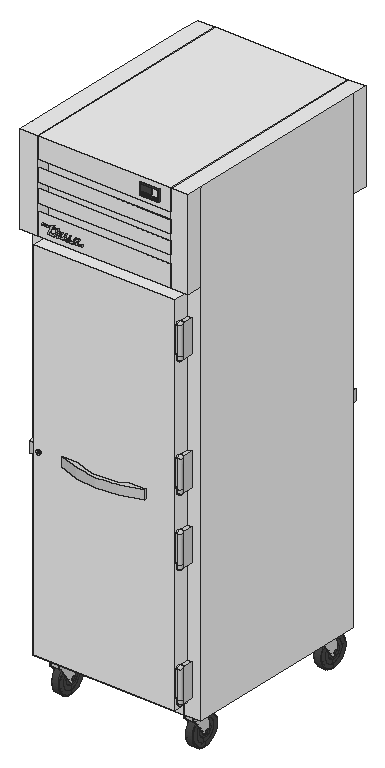
Revit family (continued)
Automatic sketch dimensions
  Extrusion 6 sketch curve to Extrusion 6 sketch curve = 0.26185"
  Extrusion 6 sketch curve to Extrusion 6 sketch curve = 11/256"
  Extrusion 6 sketch curve to Extrusion 6 sketch curve = 0.07366"
  Extrusion 6 sketch curve to Extrusion 6 sketch curve = 0.02187"
  Extrusion 6 sketch curve to Extrusion 6 sketch curve = 0.06479"
  Extrusion 6 sketch curve to Extrusion 6 sketch curve = 0.01183"
  Extrusion 6 sketch curve to Extrusion 6 sketch curve = 0.05778"
  Extrusion 6 sketch curve to Extrusion 6 sketch curve = 0.53375"
  Extrusion 6 sketch curve to Extrusion 6 sketch curve = 0.23098"
  Extrusion 6 sketch curve to Extrusion 6 sketch curve = 0"
  Extrusion 6 sketch curve to Extrusion 6 sketch curve = 0.05045"
  Extrusion 6 sketch curve to Extrusion 6 sketch curve = 0.09139"
  Extrusion 6 sketch curve to Extrusion 6 sketch curve = 29/128"  (x3)
  Extrusion 7 sketch curve to plane 3 "RIGHT" = 3 1/4"
  Extrusion 7 sketch curve to plane 5 "TOP" = 2 1/8"
  plane 2 "LEFT" to Blend 8 sketch curve = 2 9/32"
  Blend 8 sketch curve to Blend 8 sketch curve = 3/4"
  plane 6 to Blend 8 sketch curve = 32.83143"
  Blend 8 sketch curve to Blend 8 sketch curve = 1 3/4"
  Blend 8 sketch curve to plane 2 "LEFT" = 2 9/32"
  Blend 8 sketch curve to Blend 8 sketch curve = 0.93223"
  Blend 8 sketch curve to plane 6 = 30.48383"
  Blend 8 sketch curve to Blend 8 sketch curve = 2.78233"
  Extrusion 9 sketch curve to plane 4 "FRONT" = 11/16"
  Extrusion 9 sketch curve to Extrusion 9 sketch curve = 0.43503"
  Extrusion 9 sketch curve to Extrusion 9 sketch curve = 0.20453"
  Extrusion 9 sketch curve to Extrusion 9 sketch curve = 1.42294"
  Extrusion 9 sketch curve to plane 5 "TOP" = 19.57271"
  Extrusion 9 sketch curve to Extrusion 9 sketch curve = 4.39928"
  Extrusion 9 sketch curve to Extrusion 9 sketch curve = 0.71221"
  Revolve 10 sketch curve to plane 4 "FRONT" = 0.26521"  (x2)
  Revolve 10 sketch curve to Revolve 10 sketch curve = 0.38242"
  Revolve 10 sketch curve to Revolve 10 sketch curve = 0.38436"
  Revolve 10 sketch curve to plane 4 "FRONT" = 43/64"
  Revolve 10 sketch curve to Revolve 10 sketch curve = 0.40666"
  Revolve 10 sketch curve to Revolve 10 sketch curve = 0"
  Revolve 10 sketch curve to plane 5 "TOP" = 18.75492"
  Revolve 10 sketch curve to Revolve 10 sketch curve = 0.55526"
  Revolve 10 sketch curve to Revolve 10 sketch curve = 0.19474"
  Revolve 10 sketch curve to Revolve 10 sketch curve = 0.14649"
  Revolve 10 sketch curve to Revolve 10 sketch curve = 4.42889"
  Revolve 10 sketch curve to Revolve 10 sketch curve = 0.05342"
  Revolve 10 sketch curve to Revolve 10 sketch curve = 0.51246"
  Revolve 10 sketch curve to Revolve 10 sketch curve = 0.05889"
  Extrusion 11 sketch curve to plane 3 "RIGHT" = 1.88366"
  Extrusion 11 sketch curve to Extrusion 11 sketch curve = 0.39759"
  Extrusion 11 sketch curve to plane 5 "TOP" = 19.6514"
  Extrusion 11 sketch curve to Extrusion 11 sketch curve = 4.47281"
  Extrusion 12 sketch curve to plane 4 "FRONT" = 11/16"
  Extrusion 12 sketch curve to Extrusion 12 sketch curve = 0.43503"
  Extrusion 12 sketch curve to Extrusion 12 sketch curve = 0.20453"
  Extrusion 12 sketch curve to Extrusion 12 sketch curve = 1.42294"
  plane 6 to Extrusion 12 sketch curve = 38.92729"
  Extrusion 12 sketch curve to Extrusion 12 sketch curve = 4.39928"
  Extrusion 12 sketch curve to Extrusion 12 sketch curve = 0.71221"
  Revolve 13 sketch curve to plane 4 "FRONT" = 0.26521"  (x2)
  Revolve 13 sketch curve to Revolve 13 sketch curve = 0.38242"
  Revolve 13 sketch curve to Revolve 13 sketch curve = 0.38436"
  Revolve 13 sketch curve to plane 4 "FRONT" = 43/64"
  Revolve 13 sketch curve to Revolve 13 sketch curve = 0.40666"
  Revolve 13 sketch curve to Revolve 13 sketch curve = 0"
  Revolve 13 sketch curve to plane 5 "TOP" = 38.25492"
  Revolve 13 sketch curve to Revolve 13 sketch curve = 0.55526"
  Revolve 13 sketch curve to Revolve 13 sketch curve = 0.19474"
  Revolve 13 sketch curve to Revolve 13 sketch curve = 0.14649"
  Revolve 13 sketch curve to Revolve 13 sketch curve = 4.42889"
  Revolve 13 sketch curve to Revolve 13 sketch curve = 0.05342"
  Revolve 13 sketch curve to Revolve 13 sketch curve = 0.51246"
  Revolve 13 sketch curve to Revolve 13 sketch curve = 0.05889"
  Extrusion 14 sketch curve to plane 3 "RIGHT" = 1.88366"
  Extrusion 14 sketch curve to Extrusion 14 sketch curve = 0.39759"
  plane 6 to Extrusion 14 sketch curve = 38.8486"
  Extrusion 14 sketch curve to Extrusion 14 sketch curve = 4.47281"
  Extrusion 15 sketch curve to plane 4 "FRONT" = 11/16"
  Extrusion 15 sketch curve to Extrusion 15 sketch curve = 0.43503"
  Extrusion 15 sketch curve to Extrusion 15 sketch curve = 0.20453"
  Extrusion 15 sketch curve to Extrusion 15 sketch curve = 1.42294"
  plane 6 to Extrusion 15 sketch curve = 27.92729"
  Extrusion 15 sketch curve to Extrusion 15 sketch curve = 4.39928"
  Extrusion 15 sketch curve to Extrusion 15 sketch curve = 0.71221"
  Revolve 16 sketch curve to plane 4 "FRONT" = 0.26521"  (x2)
  Revolve 16 sketch curve to Revolve 16 sketch curve = 0.38242"
  Revolve 16 sketch curve to Revolve 16 sketch curve = 0.38436"
  Revolve 16 sketch curve to plane 4 "FRONT" = 43/64"
  Revolve 16 sketch curve to Revolve 16 sketch curve = 0.40666"
  Revolve 16 sketch curve to Revolve 16 sketch curve = 0"
  plane 6 to Revolve 16 sketch curve = 28.74508"
  Revolve 16 sketch curve to Revolve 16 sketch curve = 0.55526"
  Revolve 16 sketch curve to Revolve 16 sketch curve = 0.19474"
  Revolve 16 sketch curve to Revolve 16 sketch curve = 0.14649"
  Revolve 16 sketch curve to Revolve 16 sketch curve = 4.42889"
  Revolve 16 sketch curve to Revolve 16 sketch curve = 0.05342"
  Revolve 16 sketch curve to Revolve 16 sketch curve = 0.51246"
  Revolve 16 sketch curve to Revolve 16 sketch curve = 0.05889"
  Extrusion 17 sketch curve to plane 3 "RIGHT" = 1.88366"
  Extrusion 17 sketch curve to Extrusion 17 sketch curve = 0.39759"
  plane 6 to Extrusion 17 sketch curve = 27.8486"
  Extrusion 17 sketch curve to Extrusion 17 sketch curve = 4.47281"
  Extrusion 18 sketch curve to plane 4 "FRONT" = 11/16"
  Extrusion 18 sketch curve to Extrusion 18 sketch curve = 0.43503"
  Extrusion 18 sketch curve to Extrusion 18 sketch curve = 0.20453"
  Extrusion 18 sketch curve to Extrusion 18 sketch curve = 1.42294"
  plane 6 to Extrusion 18 sketch curve = 8.17729"
  plane 6 to Extrusion 18 sketch curve = 3.57348"
  Extrusion 18 sketch curve to Extrusion 18 sketch curve = 0.71221"
  Revolve 19 sketch curve to plane 4 "FRONT" = 0.26521"  (x2)
  Revolve 19 sketch curve to Revolve 19 sketch curve = 0.38242"
  Revolve 19 sketch curve to Revolve 19 sketch curve = 0.38436"
  Revolve 19 sketch curve to plane 4 "FRONT" = 43/64"
  Revolve 19 sketch curve to Revolve 19 sketch curve = 0.40666"
  Revolve 19 sketch curve to Revolve 19 sketch curve = 0"
  plane 6 to Revolve 19 sketch curve = 8.99508"
  Revolve 19 sketch curve to Revolve 19 sketch curve = 0.55526"
  Revolve 19 sketch curve to Revolve 19 sketch curve = 0.19474"
  Revolve 19 sketch curve to Revolve 19 sketch curve = 0.14649"
  plane 6 to Revolve 19 sketch curve = 3.62689"
  Revolve 19 sketch curve to Revolve 19 sketch curve = 0.05342"
  Revolve 19 sketch curve to Revolve 19 sketch curve = 0.51246"
  Revolve 19 sketch curve to Revolve 19 sketch curve = 0.05889"
  Extrusion 20 sketch curve to plane 3 "RIGHT" = 1.88366"
  Extrusion 20 sketch curve to Extrusion 20 sketch curve = 0.39759"
  plane 6 to Extrusion 20 sketch curve = 8.0986"
  plane 6 to Extrusion 20 sketch curve = 3.62579"
  Revolve 21 sketch curve to plane 3 "RIGHT" = 4.35148"
  Revolve 21 sketch curve to Revolve 21 sketch curve = 0.48273"
  Revolve 21 sketch curve to Revolve 21 sketch curve = 0.4"
  Revolve 21 sketch curve to Revolve 21 sketch curve = 0"  (x2)
  Revolve 21 sketch curve to Revolve 21 sketch curve = 0.1"  (x2)
  Revolve 21 sketch curve to Revolve 21 sketch curve = 0.16101"
  Revolve 21 sketch curve to Revolve 21 sketch curve = 0.75408"
  Revolve 21 sketch curve to Revolve 21 sketch curve = 0.92798"
  Revolve 21 sketch curve to Revolve 21 sketch curve = 0.06101"
  Revolve 21 sketch curve to Revolve 21 sketch curve = 1/2"
  Revolve 21 sketch curve to Revolve 21 sketch curve = 0.16509"
  Revolve 21 sketch curve to Revolve 21 sketch curve = 0.39592"
  level to Revolve 21 sketch curve = 2 1/2"
  Revolve 21 sketch curve to Revolve 21 sketch curve = 0.29941"  (x2)
  Revolve 21 sketch curve to Revolve 21 sketch curve = 3/4"  (x4)
  Revolve 21 sketch curve to Revolve 21 sketch curve = 0.59652"
  Revolve 21 sketch curve to Revolve 21 sketch curve = 0.60059"
  Extrusion 22 sketch curve to plane 6 = 0.63926"  (x2)
  Extrusion 22 sketch curve to plane 4 "FRONT" = 3.79864"
  Extrusion 22 sketch curve to Extrusion 22 sketch curve = 1/4"  (x2)
  level to Extrusion 22 sketch curve = 2.18736"  (x2)
  Extrusion 22 sketch curve to Extrusion 22 sketch curve = 1.7492"  (x2)
  Extrusion 22 sketch curve to Extrusion 22 sketch curve = 0.50669"  (x2)
  Extrusion 22 sketch curve to Extrusion 22 sketch curve = 2 1/2"  (x2)
  level to Extrusion 22 sketch curve = 2.59003"  (x2)
  Extrusion 22 sketch curve to Extrusion 22 sketch curve = 0.59966"  (x2)
  plane 7 to Extrusion 22 sketch curve = 6.6077"
  Extrusion 22 sketch curve to Extrusion 22 sketch curve = 0.60485"  (x2)
  Extrusion 23 sketch curve to plane 6 = 0.63926"  (x2)
  Extrusion 23 sketch curve to plane 4 "FRONT" = 3.79864"
  Extrusion 23 sketch curve to Extrusion 23 sketch curve = 1/4"  (x2)
  level to Extrusion 23 sketch curve = 2.18736"  (x2)
  Extrusion 23 sketch curve to Extrusion 23 sketch curve = 1.7492"  (x2)
  Extrusion 23 sketch curve to Extrusion 23 sketch curve = 0.50669"  (x2)
  Extrusion 23 sketch curve to Extrusion 23 sketch curve = 2 1/2"  (x2)
  level to Extrusion 23 sketch curve = 2.59003"  (x2)
  Extrusion 23 sketch curve to Extrusion 23 sketch curve = 0.59966"  (x2)
  plane 7 to Extrusion 23 sketch curve = 6.6077"
  Extrusion 23 sketch curve to Extrusion 23 sketch curve = 0.60485"  (x2)
  Revolve 24 sketch curve to plane 6 = 0"
  Revolve 24 sketch curve to plane 6 = 0.63926"
  Revolve 24 sketch curve to plane 3 "RIGHT" = 4.14082"
  Revolve 24 sketch curve to Revolve 24 sketch curve = 1.29707"
  Revolve 24 sketch curve to Revolve 24 sketch curve = 0"
  Revolve 24 sketch curve to Revolve 24 sketch curve = 0.09306"
  plane 6 to Revolve 24 sketch curve = 0.26768"
  Revolve 25 sketch curve to level = 0"
  Revolve 25 sketch curve to plane 6 = 0"
  Revolve 25 sketch curve to plane 3 "RIGHT" = 4.17713"
  level to Revolve 25 sketch curve = 1"
  Revolve 25 sketch curve to plane 3 "RIGHT" = 3 19/32"
  Revolve 25 sketch curve to Revolve 25 sketch curve = 1/4"
  Revolve 25 sketch curve to Revolve 25 sketch curve = 1/2"
  Revolve 25 sketch curve to Revolve 25 sketch curve = 0"
  Revolve 25 sketch curve to Revolve 25 sketch curve = 5/8"
  plane 6 to Revolve 25 sketch curve = 1 25/32"
  Revolve 26 sketch curve to level = 0"
  Revolve 26 sketch curve to plane 6 = 0"
  Revolve 26 sketch curve to plane 3 "RIGHT" = 4.17713"
  level to Revolve 26 sketch curve = 1"
  Revolve 26 sketch curve to plane 3 "RIGHT" = 3 19/32"
  Revolve 26 sketch curve to Revolve 26 sketch curve = 1/4"
  Revolve 26 sketch curve to Revolve 26 sketch curve = 1/2"
  Revolve 26 sketch curve to Revolve 26 sketch curve = 0"
  Revolve 26 sketch curve to Revolve 26 sketch curve = 5/8"
  plane 6 to Revolve 26 sketch curve = 1 25/32"
  Revolve 27 sketch curve to plane 6 = 0"
  Revolve 27 sketch curve to plane 6 = 0.63926"
  Revolve 27 sketch curve to plane 3 "RIGHT" = 4.14082"
  Revolve 27 sketch curve to Revolve 27 sketch curve = 1.29707"
  Revolve 27 sketch curve to Revolve 27 sketch curve = 0"
  Revolve 27 sketch curve to Revolve 27 sketch curve = 0.09306"
  plane 6 to Revolve 27 sketch curve = 0.26768"
  Extrusion 28 sketch curve to plane 6 = 0.63926"  (x2)
  Extrusion 28 sketch curve to plane 4 "FRONT" = 3.79864"
  Extrusion 28 sketch curve to Extrusion 28 sketch curve = 1/4"  (x2)
  Extrusion 28 sketch curve to Extrusion 28 sketch curve = 2 1/2"  (x2)
  Extrusion 28 sketch curve to plane 6 = 0.93273"  (x2)
  Extrusion 28 sketch curve to Extrusion 28 sketch curve = 0.03603"
  plane 7 to Extrusion 28 sketch curve = 6.6077"
  Extrusion 28 sketch curve to plane 6 = 1.24411"
  Revolve 29 sketch curve to plane 3 "RIGHT" = 4.35148"
  Revolve 29 sketch curve to Revolve 29 sketch curve = 0.48273"
  Revolve 29 sketch curve to Revolve 29 sketch curve = 0.4"
  Revolve 29 sketch curve to Revolve 29 sketch curve = 0"  (x2)
  Revolve 29 sketch curve to Revolve 29 sketch curve = 0.1"  (x2)
  Revolve 29 sketch curve to Revolve 29 sketch curve = 0.16101"
  Revolve 29 sketch curve to Revolve 29 sketch curve = 0.75408"
  Revolve 29 sketch curve to Revolve 29 sketch curve = 0.92798"
  Revolve 29 sketch curve to Revolve 29 sketch curve = 0.06101"
  Revolve 29 sketch curve to Revolve 29 sketch curve = 1/2"
  Revolve 29 sketch curve to Revolve 29 sketch curve = 0.16509"
  Revolve 29 sketch curve to Revolve 29 sketch curve = 0.39592"
  level to Revolve 29 sketch curve = 2 1/2"
  Revolve 29 sketch curve to Revolve 29 sketch curve = 0.29941"  (x2)
  Revolve 29 sketch curve to Revolve 29 sketch curve = 3/4"  (x4)
  Revolve 29 sketch curve to Revolve 29 sketch curve = 0.59652"
  Revolve 29 sketch curve to Revolve 29 sketch curve = 0.60059"
  plane 2 "LEFT" to Revolve 30 sketch curve = 1.33602"
  Revolve 30 sketch curve to Revolve 30 sketch curve = 0.48273"
  Revolve 30 sketch curve to Revolve 30 sketch curve = 0.4"
  Revolve 30 sketch curve to Revolve 30 sketch curve = 0"  (x2)
  Revolve 30 sketch curve to Revolve 30 sketch curve = 0.1"  (x2)
  Revolve 30 sketch curve to Revolve 30 sketch curve = 0.16101"
  Revolve 30 sketch curve to Revolve 30 sketch curve = 0.75408"
  Revolve 30 sketch curve to Revolve 30 sketch curve = 0.92798"
  Revolve 30 sketch curve to Revolve 30 sketch curve = 0.06101"
  Revolve 30 sketch curve to Revolve 30 sketch curve = 1/2"
  Revolve 30 sketch curve to Revolve 30 sketch curve = 0.16509"
  Revolve 30 sketch curve to Revolve 30 sketch curve = 0.39592"
  level to Revolve 30 sketch curve = 2 1/2"
  Revolve 30 sketch curve to Revolve 30 sketch curve = 0.29941"  (x2)
  Revolve 30 sketch curve to Revolve 30 sketch curve = 3/4"  (x4)
  Revolve 30 sketch curve to Revolve 30 sketch curve = 0.59652"
  Revolve 30 sketch curve to Revolve 30 sketch curve = 0.60059"
  Extrusion 31 sketch curve to plane 6 = 0.63926"  (x2)
  Extrusion 31 sketch curve to plane 4 "FRONT" = 3.79864"
  Extrusion 31 sketch curve to Extrusion 31 sketch curve = 1/4"  (x2)
  level to Extrusion 31 sketch curve = 2.18736"  (x2)
  Extrusion 31 sketch curve to Extrusion 31 sketch curve = 1.7492"  (x2)
  Extrusion 31 sketch curve to Extrusion 31 sketch curve = 0.50669"  (x2)
  Extrusion 31 sketch curve to Extrusion 31 sketch curve = 2 1/2"  (x2)
  level to Extrusion 31 sketch curve = 2.59003"  (x2)
  Extrusion 31 sketch curve to Extrusion 31 sketch curve = 0.59966"  (x2)
  plane 7 to Extrusion 31 sketch curve = 6.6077"
  Extrusion 31 sketch curve to Extrusion 31 sketch curve = 0.60485"  (x2)
  Extrusion 32 sketch curve to plane 6 = 0.63926"  (x2)
  Extrusion 32 sketch curve to plane 4 "FRONT" = 3.79864"
  Extrusion 32 sketch curve to Extrusion 32 sketch curve = 1/4"  (x2)
  level to Extrusion 32 sketch curve = 2.18736"  (x2)
  Extrusion 32 sketch curve to Extrusion 32 sketch curve = 1.7492"  (x2)
  Extrusion 32 sketch curve to Extrusion 32 sketch curve = 0.50669"  (x2)
  Extrusion 32 sketch curve to Extrusion 32 sketch curve = 2 1/2"  (x2)
  level to Extrusion 32 sketch curve = 2.59003"  (x2)
  Extrusion 32 sketch curve to Extrusion 32 sketch curve = 0.59966"  (x2)
  plane 7 to Extrusion 32 sketch curve = 6.6077"
  Extrusion 32 sketch curve to Extrusion 32 sketch curve = 0.60485"  (x2)
  Revolve 33 sketch curve to plane 6 = 0"
  Revolve 33 sketch curve to plane 6 = 0.63926"
  plane 2 "LEFT" to Revolve 33 sketch curve = 1.54668"
  Revolve 33 sketch curve to Revolve 33 sketch curve = 1.29707"
  Revolve 33 sketch curve to Revolve 33 sketch curve = 0"
  Revolve 33 sketch curve to Revolve 33 sketch curve = 0.09306"
  plane 6 to Revolve 33 sketch curve = 0.26768"
  Revolve 34 sketch curve to level = 0"
  Revolve 34 sketch curve to plane 6 = 0"
  plane 2 "LEFT" to Revolve 34 sketch curve = 1.51037"
  level to Revolve 34 sketch curve = 1"
  plane 2 "LEFT" to Revolve 34 sketch curve = 2 3/32"
  Revolve 34 sketch curve to Revolve 34 sketch curve = 1/4"
  Revolve 34 sketch curve to Revolve 34 sketch curve = 1/2"
  Revolve 34 sketch curve to Revolve 34 sketch curve = 0"
  Revolve 34 sketch curve to Revolve 34 sketch curve = 5/8"
  plane 6 to Revolve 34 sketch curve = 1 25/32"
  Revolve 35 sketch curve to level = 0"
  Revolve 35 sketch curve to plane 6 = 0"
  plane 2 "LEFT" to Revolve 35 sketch curve = 1.51037"
  level to Revolve 35 sketch curve = 1"
  plane 2 "LEFT" to Revolve 35 sketch curve = 2 3/32"
  Revolve 35 sketch curve to Revolve 35 sketch curve = 1/4"
  Revolve 35 sketch curve to Revolve 35 sketch curve = 1/2"
  Revolve 35 sketch curve to Revolve 35 sketch curve = 0"
  Revolve 35 sketch curve to Revolve 35 sketch curve = 5/8"
  plane 6 to Revolve 35 sketch curve = 1 25/32"
  Revolve 36 sketch curve to plane 6 = 0"
  Revolve 36 sketch curve to plane 6 = 0.63926"
  plane 2 "LEFT" to Revolve 36 sketch curve = 1.54668"
  Revolve 36 sketch curve to Revolve 36 sketch curve = 1.29707"
  Revolve 36 sketch curve to Revolve 36 sketch curve = 0"
  Revolve 36 sketch curve to Revolve 36 sketch curve = 0.09306"
  plane 6 to Revolve 36 sketch curve = 0.26768"
  Extrusion 37 sketch curve to plane 6 = 0.63926"  (x2)
  Extrusion 37 sketch curve to plane 4 "FRONT" = 3.79864"
  Extrusion 37 sketch curve to Extrusion 37 sketch curve = 1/4"  (x2)
  Extrusion 37 sketch curve to Extrusion 37 sketch curve = 2 1/2"  (x2)
  Extrusion 37 sketch curve to plane 6 = 0.93273"  (x2)
  Extrusion 37 sketch curve to Extrusion 37 sketch curve = 0.03603"
  plane 7 to Extrusion 37 sketch curve = 6.6077"
  Extrusion 37 sketch curve to plane 6 = 1.24411"
  plane 2 "LEFT" to Revolve 38 sketch curve = 1.33602"
  Revolve 38 sketch curve to Revolve 38 sketch curve = 0.48273"
  Revolve 38 sketch curve to Revolve 38 sketch curve = 0.4"
  Revolve 38 sketch curve to Revolve 38 sketch curve = 0"  (x2)
  Revolve 38 sketch curve to Revolve 38 sketch curve = 0.1"  (x2)
  Revolve 38 sketch curve to Revolve 38 sketch curve = 0.16101"
  Revolve 38 sketch curve to Revolve 38 sketch curve = 0.75408"
  Revolve 38 sketch curve to Revolve 38 sketch curve = 0.92798"
  Revolve 38 sketch curve to Revolve 38 sketch curve = 0.06101"
  Revolve 38 sketch curve to Revolve 38 sketch curve = 1/2"
  Revolve 38 sketch curve to Revolve 38 sketch curve = 0.16509"
  Revolve 38 sketch curve to Revolve 38 sketch curve = 0.39592"
  level to Revolve 38 sketch curve = 2 1/2"
  Revolve 38 sketch curve to Revolve 38 sketch curve = 0.29941"  (x2)
  Revolve 38 sketch curve to Revolve 38 sketch curve = 3/4"  (x4)
  Revolve 38 sketch curve to Revolve 38 sketch curve = 0.59652"
  Revolve 38 sketch curve to Revolve 38 sketch curve = 0.60059"
  Extrusion 39 sketch curve to plane 3 "RIGHT" = 2 55/64"
  Extrusion 39 sketch curve to plane 3 "RIGHT" = 3/64"
  plane 7 to Extrusion 39 sketch curve = 2 3/4"
  plane 7 to Extrusion 39 sketch curve = 3/16"
  plane 2 "LEFT" to Extrusion 40 sketch curve = 3/64"
  plane 7 to Extrusion 40 sketch curve = 3/16"
  Extrusion 40 sketch curve to Extrusion 40 sketch curve = 2 13/16"
  Extrusion 40 sketch curve to Extrusion 40 sketch curve = 2 9/16"
  plane 7 to Extrusion 41 sketch curve = 0.67295"
  Extrusion 41 sketch curve to Extrusion 41 sketch curve = 0.43503"
  Extrusion 41 sketch curve to Extrusion 41 sketch curve = 0.20453"
  Extrusion 41 sketch curve to Extrusion 41 sketch curve = 1 7/16"
  Extrusion 41 sketch curve to plane 5 "TOP" = 19.57271"
  Extrusion 41 sketch curve to Extrusion 41 sketch curve = 4.39928"
  Extrusion 41 sketch curve to Extrusion 41 sketch curve = 0.71221"
  plane 7 to Revolve 42 sketch curve = 0.25067"  (x2)
  Revolve 42 sketch curve to Revolve 42 sketch curve = 0.38242"
  Revolve 42 sketch curve to Revolve 42 sketch curve = 0.38436"
  plane 7 to Revolve 42 sketch curve = 0.65733"
  Revolve 42 sketch curve to Revolve 42 sketch curve = 0.40666"
  Revolve 42 sketch curve to Revolve 42 sketch curve = 0"
  Revolve 42 sketch curve to plane 5 "TOP" = 18.75492"
  Revolve 42 sketch curve to Revolve 42 sketch curve = 0.55526"
  Revolve 42 sketch curve to Revolve 42 sketch curve = 0.19474"
  Revolve 42 sketch curve to Revolve 42 sketch curve = 0.14649"
  Revolve 42 sketch curve to Revolve 42 sketch curve = 4.42889"
  Revolve 42 sketch curve to Revolve 42 sketch curve = 0.05342"
  Revolve 42 sketch curve to Revolve 42 sketch curve = 0.51246"
  Revolve 42 sketch curve to Revolve 42 sketch curve = 0.05889"
  plane 2 "LEFT" to Extrusion 43 sketch curve = 1.88366"
  Extrusion 43 sketch curve to Extrusion 43 sketch curve = 0.39759"
  Extrusion 43 sketch curve to plane 5 "TOP" = 19.6514"
  Extrusion 43 sketch curve to Extrusion 43 sketch curve = 4.47281"
  plane 7 to Extrusion 44 sketch curve = 0.67295"
  Extrusion 44 sketch curve to Extrusion 44 sketch curve = 0.43503"
  Extrusion 44 sketch curve to Extrusion 44 sketch curve = 0.20453"
  Extrusion 44 sketch curve to Extrusion 44 sketch curve = 1 7/16"
  plane 6 to Extrusion 44 sketch curve = 38.92729"
  Extrusion 44 sketch curve to Extrusion 44 sketch curve = 4.39928"
  Extrusion 44 sketch curve to Extrusion 44 sketch curve = 0.71221"
  plane 7 to Revolve 45 sketch curve = 0.25067"  (x2)
  Revolve 45 sketch curve to Revolve 45 sketch curve = 0.38242"
  Revolve 45 sketch curve to Revolve 45 sketch curve = 0.38436"
  plane 7 to Revolve 45 sketch curve = 0.65733"
  Revolve 45 sketch curve to Revolve 45 sketch curve = 0.40666"
  Revolve 45 sketch curve to Revolve 45 sketch curve = 0"
  Revolve 45 sketch curve to plane 5 "TOP" = 38.25492"
  Revolve 45 sketch curve to Revolve 45 sketch curve = 0.55526"
  Revolve 45 sketch curve to Revolve 45 sketch curve = 0.19474"
  Revolve 45 sketch curve to Revolve 45 sketch curve = 0.14649"
  Revolve 45 sketch curve to Revolve 45 sketch curve = 4.42889"
  Revolve 45 sketch curve to Revolve 45 sketch curve = 0.05342"
  Revolve 45 sketch curve to Revolve 45 sketch curve = 0.51246"
  Revolve 45 sketch curve to Revolve 45 sketch curve = 0.05889"
  plane 2 "LEFT" to Extrusion 46 sketch curve = 1.88366"
  Extrusion 46 sketch curve to Extrusion 46 sketch curve = 0.39759"
  plane 6 to Extrusion 46 sketch curve = 38.8486"
  Extrusion 46 sketch curve to Extrusion 46 sketch curve = 4.47281"
  plane 7 to Extrusion 47 sketch curve = 0.67295"
  Extrusion 47 sketch curve to Extrusion 47 sketch curve = 0.43503"
  Extrusion 47 sketch curve to Extrusion 47 sketch curve = 0.20453"
  Extrusion 47 sketch curve to Extrusion 47 sketch curve = 1 7/16"
  plane 6 to Extrusion 47 sketch curve = 27.92729"
  Extrusion 47 sketch curve to Extrusion 47 sketch curve = 4.39928"
  Extrusion 47 sketch curve to Extrusion 47 sketch curve = 0.71221"
  plane 7 to Revolve 48 sketch curve = 0.25066"  (x2)
  Revolve 48 sketch curve to Revolve 48 sketch curve = 0.38242"
  Revolve 48 sketch curve to Revolve 48 sketch curve = 0.38436"
  plane 7 to Revolve 48 sketch curve = 0.65733"
  Revolve 48 sketch curve to Revolve 48 sketch curve = 0.40666"
  Revolve 48 sketch curve to Revolve 48 sketch curve = 0"
  plane 6 to Revolve 48 sketch curve = 28.74508"
  Revolve 48 sketch curve to Revolve 48 sketch curve = 0.55526"
  Revolve 48 sketch curve to Revolve 48 sketch curve = 0.19474"
  Revolve 48 sketch curve to Revolve 48 sketch curve = 0.14649"
  Revolve 48 sketch curve to Revolve 48 sketch curve = 4.42889"
  Revolve 48 sketch curve to Revolve 48 sketch curve = 0.05342"
  Revolve 48 sketch curve to Revolve 48 sketch curve = 0.51246"
  Revolve 48 sketch curve to Revolve 48 sketch curve = 0.05889"
  plane 2 "LEFT" to Extrusion 49 sketch curve = 1.88366"
  Extrusion 49 sketch curve to Extrusion 49 sketch curve = 0.39759"
  plane 6 to Extrusion 49 sketch curve = 27.8486"
  Extrusion 49 sketch curve to Extrusion 49 sketch curve = 4.47281"
  plane 7 to Extrusion 50 sketch curve = 0.67295"
  Extrusion 50 sketch curve to Extrusion 50 sketch curve = 0.43503"
  Extrusion 50 sketch curve to Extrusion 50 sketch curve = 0.20453"
  Extrusion 50 sketch curve to Extrusion 50 sketch curve = 1 7/16"
  plane 6 to Extrusion 50 sketch curve = 8.17729"
  plane 6 to Extrusion 50 sketch curve = 3.57348"
  Extrusion 50 sketch curve to Extrusion 50 sketch curve = 0.71221"
  plane 7 to Revolve 51 sketch curve = 0.25066"  (x2)
  Revolve 51 sketch curve to Revolve 51 sketch curve = 0.38242"
  Revolve 51 sketch curve to Revolve 51 sketch curve = 0.38436"
  plane 7 to Revolve 51 sketch curve = 0.65733"
  Revolve 51 sketch curve to Revolve 51 sketch curve = 0.40666"
  Revolve 51 sketch curve to Revolve 51 sketch curve = 0"
  plane 6 to Revolve 51 sketch curve = 8.99508"
  Revolve 51 sketch curve to Revolve 51 sketch curve = 0.55526"
  Revolve 51 sketch curve to Revolve 51 sketch curve = 0.19474"
  Revolve 51 sketch curve to Revolve 51 sketch curve = 0.14649"
  plane 6 to Revolve 51 sketch curve = 3.62689"
  Revolve 51 sketch curve to Revolve 51 sketch curve = 0.05342"
  Revolve 51 sketch curve to Revolve 51 sketch curve = 0.51246"
  Revolve 51 sketch curve to Revolve 51 sketch curve = 0.05889"
  plane 2 "LEFT" to Extrusion 52 sketch curve = 1.88366"
  Extrusion 52 sketch curve to Extrusion 52 sketch curve = 0.39759"
  plane 6 to Extrusion 52 sketch curve = 8.0986"
  plane 6 to Extrusion 52 sketch curve = 3.62579"
  Blend 53 sketch curve to plane 3 "RIGHT" = 2 9/32"  (x2)
  Blend 53 sketch curve to Blend 53 sketch curve = 3/4"
  plane 6 to Blend 53 sketch curve = 33.35643"
  Blend 53 sketch curve to Blend 53 sketch curve = 1 3/4"
  Blend 53 sketch curve to Blend 53 sketch curve = 0.93223"
  plane 6 to Blend 53 sketch curve = 33.79117"
  Blend 53 sketch curve to Blend 53 sketch curve = 2.78233"
  Extrusion 54 sketch curve to plane 5 "TOP" = 2.55982"
  Extrusion 54 sketch curve to plane 3 "RIGHT" = 7.7246"
  Extrusion 54 sketch curve to Extrusion 54 sketch curve = 2 29/32"
  Extrusion 54 sketch curve to plane 5 "TOP" = 13/16"
  Extrusion 55 sketch curve to plane 5 "TOP" = 3/4"
  Extrusion 55 sketch curve to plane 3 "RIGHT" = 7.7871"
  Extrusion 55 sketch curve to Extrusion 55 sketch curve = 1/16"  (x4)
  Extrusion 55 sketch curve to Extrusion 55 sketch curve = 0.1375"  (x2)
  Extrusion 55 sketch curve to Extrusion 55 sketch curve = 1/4"  (x4)
  Extrusion 55 sketch curve to Extrusion 55 sketch curve = 0.44601"
  Extrusion 55 sketch curve to Extrusion 55 sketch curve = 1/2"  (x2)
  Extrusion 55 sketch curve to Extrusion 55 sketch curve = 0.0035"
  Extrusion 55 sketch curve to Extrusion 55 sketch curve = 1.06923"
  Extrusion 55 sketch curve to plane 5 "TOP" = 0.95"
  Extrusion 55 sketch curve to Extrusion 55 sketch curve = 1"
  Extrusion 55 sketch curve to Extrusion 55 sketch curve = 0.34106"  (x3)
  Extrusion 55 sketch curve to Extrusion 55 sketch curve = 0"
  Extrusion 55 sketch curve to Extrusion 55 sketch curve = 0.26876"
  plane 7 to Extrusion 56 sketch curve = 3/16"
  plane 2 "LEFT" to Extrusion 56 sketch curve = 2 9/32"  (x2)
  Extrusion 56 sketch curve to plane 4 "FRONT" = 3/16"
  Extrusion 56 sketch curve to Extrusion 56 sketch curve = 0.01713"
  Extrusion 56 sketch curve to plane 4 "FRONT" = 0.06697"
  Extrusion 56 sketch curve to plane 3 "RIGHT" = 2.30833"
  Extrusion 56 sketch curve to Extrusion 56 sketch curve = 0.02708"
  Extrusion 56 sketch curve to plane 3 "RIGHT" = 2 9/32"
  plane 7 to Extrusion 56 sketch curve = 0.07688"
  plane 2 "LEFT" to Extrusion 57 sketch curve = 2 9/32"
  Extrusion 57 sketch curve to plane 3 "RIGHT" = 2 9/32"
  Extrusion 57 sketch curve to plane 5 "TOP" = 16 5/32"
  plane 6 to Extrusion 57 sketch curve = 1 29/32"
  plane 2 "LEFT" to Extrusion 58 sketch curve = 2 9/32"
  Extrusion 58 sketch curve to plane 3 "RIGHT" = 2 9/32"
  plane 6 to Extrusion 58 sketch curve = 1 29/32"
  Extrusion 58 sketch curve to plane 5 "TOP" = 16 5/32"
  plane 7 to Extrusion 59 sketch curve = 3/16"  (x2)
  Extrusion 59 sketch curve to plane 3 "RIGHT" = 6.95016"
  Extrusion 59 sketch curve to Extrusion 59 sketch curve = 2.37851"  (x2)
  Extrusion 59 sketch curve to Extrusion 59 sketch curve = 4.42149"
  Extrusion 59 sketch curve to Extrusion 59 sketch curve = 0"
  Extrusion 59 sketch curve to plane 7 = 0.0247"
  plane 7 to Extrusion 59 sketch curve = 7.95429"
  Extrusion 59 sketch curve to Extrusion 59 sketch curve = 7.30945"
  Extrusion 60 sketch curve to plane 3 "RIGHT" = 3.04215"
  Extrusion 60 sketch curve to Extrusion 60 sketch curve = 0.02035"
  Extrusion 60 sketch curve to Extrusion 60 sketch curve = 0.0555"
  plane 6 to Extrusion 60 sketch curve = 31.58145"
  Extrusion 60 sketch curve to Extrusion 60 sketch curve = 0.29355"
  Extrusion 60 sketch curve to Extrusion 60 sketch curve = 0.27385"
  plane 2 "LEFT" to Extrusion 61 sketch curve = 2 27/32"
  Extrusion 61 sketch curve to plane 4 "FRONT" = 5.09023"
  plane 2 "LEFT" to Extrusion 62 sketch curve = 2 27/32"
  plane 7 to Extrusion 62 sketch curve = 5.44102"
  Extrusion 63 sketch curve to plane 3 "RIGHT" = 2 27/32"
  plane 7 to Extrusion 63 sketch curve = 5.44102"
  Extrusion 64 sketch curve to plane 3 "RIGHT" = 2 27/32"
  Extrusion 64 sketch curve to plane 4 "FRONT" = 5.09023"
  Extrusion 65 sketch curve to plane 4 "FRONT" = 3/16"  (x2)
  plane 2 "LEFT" to Extrusion 65 sketch curve = 6.94984"
  Extrusion 65 sketch curve to Extrusion 65 sketch curve = 2.37851"  (x2)
  Extrusion 65 sketch curve to Extrusion 65 sketch curve = 4.42149"
  Extrusion 65 sketch curve to Extrusion 65 sketch curve = 0"
  plane 4 "FRONT" to Extrusion 65 sketch curve = 0.0247"
  Extrusion 65 sketch curve to plane 4 "FRONT" = 7.95429"
  Extrusion 65 sketch curve to Extrusion 65 sketch curve = 7.30945"
  plane 2 "LEFT" to Extrusion 66 sketch curve = 3.04215"
  Extrusion 66 sketch curve to Extrusion 66 sketch curve = 0.02035"
  Extrusion 66 sketch curve to Extrusion 66 sketch curve = 0.0555"
  plane 6 to Extrusion 66 sketch curve = 31.58145"
  Extrusion 66 sketch curve to Extrusion 66 sketch curve = 0.29355"
  Extrusion 66 sketch curve to Extrusion 66 sketch curve = 0.27385"
  curve 33 to curve 9 = 1.40832"
  curve 8 to curve 39 = 3.24793"
  radius of Extrusion 7 sketch curve = 1/4"
  radius of Extrusion 60 sketch curve = 0.35"
  radius of Extrusion 61 sketch curve = 1 1/2"
  radius of Extrusion 62 sketch curve = 1 1/2"
  radius of Extrusion 63 sketch curve = 1 1/2"
  radius of Extrusion 64 sketch curve = 1 1/2"
  radius of Extrusion 66 sketch curve = 0.35"
Connectors (in)
  electrical at (24.25, 2.5625, 82), driven by "Volts", driven by "Watts"
    settings: on Extrusion 7, index 1, voltage 208 V, apparent load 1500 VA, apparent load phase1 0 VA, apparent load phase2 0 VA, apparent load phase3 0 VA, power factor 1, load classification "Other", number of poles 1, system type 30, power factor state 1, is connector primary yes, connector utility no, sub classification motor no, connector description "Electrical Connection"
